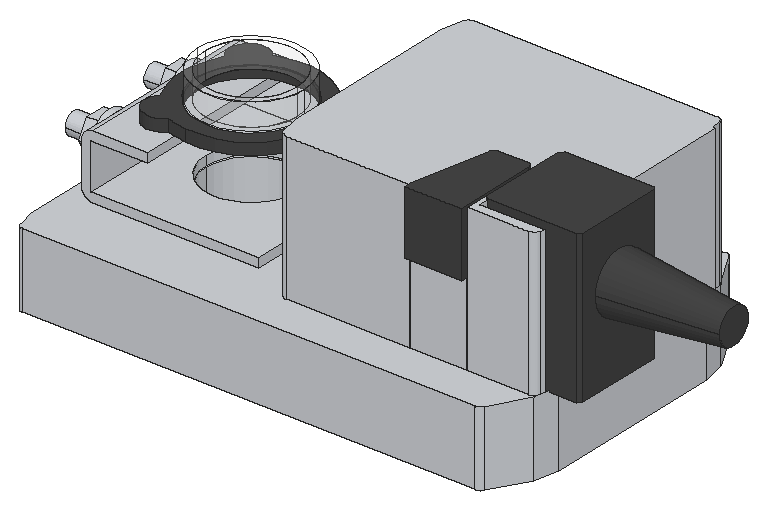
Revit family "ダンパ操作器_ver2021", category ダクト付属品, Revit 2021
Family settings
  丸型コネクタ寸法 = 直径を使用
  パーツ タイプ = アタッチ
  作業面ベース = いいえ
  常に垂直 = はい
  ロード時にボイドで切り取り = いいえ
  共有 = いいえ
Parameters
  直径 [instance] = 10 mm
  既定の高さ = 0 mm
  ダクトφ [instance] = 25.998 mm
Reference planes
  plane 1 "中心(正面/背面)": y = 0
  plane 2: z = 0
  plane 3 "中心(左/右)": x = 0
Forms (mm)
  Extrusion 1, solid
    sketch origin (0, 0, 0) x (1, 0, 0) y (0, 1, 0)
      loop
        line (99.773, 44.001) -> (-26.936, 44.001)
        arc (-26.936, 44.001) -> (-28.194, 43.556) -> (-28.892, 42.419) r 1.998
        line (-28.892, 42.419) -> (-30, 37.202) -> (-30, -37.198) -> (-28.892, -42.414)
        arc (-28.892, -42.414) -> (-28.428, -43.534) -> (-27.308, -43.998) r 1.584
        line (-27.308, -43.998) -> (99.693, -43.998)
        arc (99.693, -43.998) -> (100.892, -43.676) -> (101.771, -42.798) r 2.399
        line (101.771, -42.798) -> (107.554, -32.781) -> (109.005, -25.953) -> (109.005, 25.958) -> (107.554, 32.785) -> (101.771, 42.803)
        arc (101.771, 42.803) -> (100.927, 43.66) -> (99.773, 44.001) r 2.399
    from 0 to 21
  Extrusion 2, solid
    sketch origin (0, 250.898, 0) x (1, 0, 0) y (0, 1, 0)
      loop
        line (105.888, -217.394) -> (37.647, -217.394)
        arc (37.647, -217.394) -> (36.389, -217.839) -> (35.692, -218.977) r 1.999
        line (35.692, -218.977) -> (34.406, -225.023) -> (34.406, -275.754) -> (35.692, -281.8)
        arc (35.692, -281.8) -> (36.389, -282.938) -> (37.647, -283.383) r 1.999
        line (37.647, -283.383) -> (72.327, -283.383) -> (76.964, -261.569)
        arc (76.964, -261.569) -> (77.662, -260.433) -> (78.92, -259.988) r 2
        line (78.92, -259.988) -> (86.4, -259.988)
        arc (86.4, -259.988) -> (87.814, -260.574) -> (88.4, -261.988) r 2
        line (88.4, -261.988) -> (88.4, -283.383) -> (105.888, -283.383)
        arc (105.888, -283.383) -> (107.146, -282.938) -> (107.844, -281.8) r 1.999
        line (107.844, -281.8) -> (108.082, -280.681) -> (89.897, -280.681) -> (89.897, -251.681) -> (108.998, -251.681) -> (108.998, -222.079) -> (108.37, -221.451) -> (107.855, -218.975)
        arc (107.855, -218.975) -> (107.155, -217.832) -> (105.888, -217.394) r 1.986
    from 21 to 62
  Extrusion 3, solid, material "プラスチック"
    sketch origin (0, 250.898, 0) x (1, 0, 0) y (0, 1, 0)
      loop
        line (90.298, -278.688) -> (91.298, -279.688) -> (116.298, -279.688) -> (117.298, -278.689) -> (117.298, -253.688) -> (116.298, -252.688) -> (91.298, -252.688) -> (90.298, -253.688) -> (90.298, -278.688)
    from 21 to 63.4
  Blend 4, solid, material "プラスチック"
    base sketch origin (-132.702, 454.065, 0) x (0, 1, 0) y (0, 0, 1)
      loop
        circle (-469.356, 45.9) r 5
    top sketch origin (0, 454.065, 0) x (0, 1, 0) y (0, 0, 1)
      loop
        circle (-469.356, 45.9) r 8.433
    from 282.301 to 117.298
  Extrusion 5, solid, material "プラスチック"
    sketch origin (0, 250.898, 0) x (1, 0, 0) y (0, 1, 0)
      loop
        arc (78.92, -259.988) -> (77.662, -260.433) -> (76.964, -261.569) r 2
        line (76.964, -261.569) -> (72.4, -283.041) -> (72.4, -285.21) -> (88.4, -285.21) -> (88.4, -261.988)
        arc (88.4, -261.988) -> (87.814, -260.574) -> (86.4, -259.988) r 2
        line (86.4, -259.988) -> (78.92, -259.988)
    from 44.334 to 62.4
  Extrusion 6, solid
    sketch origin (0, 250.898, 0) x (1, 0, 0) y (0, 1, 0)
      loop
        arc (78.913, -259.888) -> (77.511, -260.293) -> (76.724, -261.522) r 2.071
        line (76.724, -261.522) -> (72.327, -283.383) -> (88.483, -283.383) -> (88.639, -261.988)
        arc (88.639, -261.988) -> (87.983, -260.405) -> (86.401, -259.75) r 2.238
        line (86.401, -259.75) -> (78.913, -259.888)
    from 21 to 44.334
  Extrusion 7, solid, material "プラスチック(クリア)"
    sketch origin (0, 2.375, 0) x (1, 0, 0) y (0, 1, 0)
      loop
        circle (0, 0) r 15
      loop
        circle (-0.001, 0) r 13
    from 42.9 to 50.45
  Extrusion 8, solid, material "プラスチック"
    sketch origin (0, 252.763, 0) x (1, 0, 0) y (0, 1, 0)
      loop
        arc (-8.884, -232.019) -> (-16.303, -231.549) -> (-16.755, -238.969) r 5.25
        line (-16.755, -238.969) -> (-18.506, -244.242)
        arc (-18.506, -244.242) -> (-19.126, -246.588) -> (-19.45, -248.992) r 19.5
        arc (-19.45, -248.992) -> (-19.349, -252.81) -> (-18.506, -256.535) r 19.5
        line (-18.506, -256.535) -> (-16.755, -261.807)
        arc (-16.755, -261.807) -> (-16.303, -269.228) -> (-8.884, -268.758) r 5.25
        line (-8.884, -268.758) -> (-2.944, -269.665)
        arc (-2.944, -269.665) -> (19.5, -250.388) -> (-2.944, -231.112) r 19.5
        line (-2.944, -231.112) -> (-8.884, -232.019)
      loop
        circle (0, -250.388) r 15.491
    from 39.5 to 42.9
  Extrusion 9, solid
    sketch origin (0, 0, 0) x (1, 0, 0) y (0, 0, 1)
      loop
        line (-6.5, 39.5) -> (-22, 39.5)
        arc (-22, 39.5) -> (-24.121, 38.621) -> (-25, 36.5) r 3
        line (-25, 36.5) -> (-25, 24.5)
        arc (-25, 24.5) -> (-24.121, 22.379) -> (-22, 21.5) r 3
        line (-22, 21.5) -> (24.765, 21.5) -> (24.765, 24) -> (-22.5, 24) -> (-22.5, 37) -> (-6.5, 37) -> (-6.5, 39.5)
    from -26.002 to 25.953
  Extrusion 10, solid
    sketch origin (0, 0, 0) x (0, 1, 0) y (0, 0, 1)
      loop
        circle (13.802, 31) r 7
      loop
        circle (13.802, 31) r 3
    from -27 to -25
  Extrusion 11, solid
    sketch origin (0, 0, 0) x (0, 1, 0) y (0, 0, 1)
      loop
        line (8.068, 31) -> (10.935, 26.035) -> (16.668, 26.035) -> (19.535, 31) -> (16.668, 35.965) -> (10.935, 35.965) -> (8.068, 31)
    from -27 to -31
  Extrusion 12, solid
    sketch origin (0, 0, 0) x (0, 1, 0) y (0, 0, 1)
      loop
        circle (13.802, 31) r 3
    from -31 to -37
  Extrusion 13, solid
    sketch origin (0, -27.6, 0) x (0, 1, 0) y (0, 0, 1)
      loop
        circle (13.802, 31) r 7
      loop
        circle (13.802, 31) r 3
    from -27 to -25
  Extrusion 14, solid
    sketch origin (0, -27.6, 0) x (0, 1, 0) y (0, 0, 1)
      loop
        line (8.068, 31) -> (10.935, 26.035) -> (16.668, 26.035) -> (19.535, 31) -> (16.668, 35.965) -> (10.935, 35.965) -> (8.068, 31)
    from -27 to -31
  Extrusion 15, solid
    sketch origin (0, -27.6, 0) x (0, 1, 0) y (0, 0, 1)
      loop
        circle (13.802, 31) r 3
    from -31 to -37
  Extrusion 16, void
    sketch origin (0, 0, 0) x (1, 0, 0) y (0, 1, 0)
      loop
        circle (-0.002, 2.375) r 12.999
    from 0 to 24
Cuts and joins
  Extrusion 16 cuts Extrusion 1
  Extrusion 16 cuts Extrusion 9
Dimensions and locks
  "直径": diameter of Blend 4 sketch curve
  "ダクトφ": diameter of Extrusion 16 sketch curve
  aligned and locked: level to plane 2
Automatic sketch dimensions
  Extrusion 1 sketch curve to plane 3 "中心(左/右)" = 30 mm
  Extrusion 1 sketch curve to Extrusion 1 sketch curve = 1.109 mm  (x2)
  Extrusion 1 sketch curve to Extrusion 1 sketch curve = 1.584 mm
  Extrusion 1 sketch curve to Extrusion 1 sketch curve = 1.954 mm
  Extrusion 1 sketch curve to Extrusion 1 sketch curve = 0.002 mm
  Extrusion 1 sketch curve to plane 1 "中心(正面/背面)" = 41.603 mm
  plane 3 "中心(左/右)" to Extrusion 1 sketch curve = 99.693 mm
  plane 1 "中心(正面/背面)" to Extrusion 1 sketch curve = 41.599 mm
  Extrusion 1 sketch curve to Extrusion 1 sketch curve = 0 mm
  Extrusion 1 sketch curve to Extrusion 1 sketch curve = 0.08 mm
  plane 1 "中心(正面/背面)" to Extrusion 1 sketch curve = 42.798 mm
  Extrusion 1 sketch curve to Extrusion 1 sketch curve = 2.078 mm
  Extrusion 1 sketch curve to plane 1 "中心(正面/背面)" = 42.803 mm
  Extrusion 1 sketch curve to Extrusion 1 sketch curve = 1.997 mm
  Extrusion 1 sketch curve to plane 1 "中心(正面/背面)" = 32.785 mm
  Extrusion 1 sketch curve to Extrusion 1 sketch curve = 5.783 mm  (x2)
  plane 1 "中心(正面/背面)" to Extrusion 1 sketch curve = 32.781 mm
  plane 1 "中心(正面/背面)" to Extrusion 1 sketch curve = 25.953 mm
  Extrusion 1 sketch curve to Extrusion 1 sketch curve = 1.451 mm
  Extrusion 1 sketch curve to Extrusion 1 sketch curve = 5.216 mm
  Extrusion 1 sketch curve to Extrusion 1 sketch curve = 6.828 mm
  Extrusion 1 sketch curve to Extrusion 1 sketch curve = 6.799 mm
  Extrusion 1 sketch curve to Extrusion 1 sketch curve = 1.998 mm
  plane 3 "中心(左/右)" to Extrusion 2 sketch curve = 34.406 mm
  Extrusion 2 sketch curve to Extrusion 2 sketch curve = 1.285 mm  (x2)
  Extrusion 2 sketch curve to Extrusion 2 sketch curve = 1.956 mm  (x3)
  plane 1 "中心(正面/背面)" to Extrusion 2 sketch curve = 32.485 mm
  Extrusion 2 sketch curve to Extrusion 2 sketch curve = 34.68 mm
  plane 1 "中心(正面/背面)" to Extrusion 2 sketch curve = 10.67 mm
  Extrusion 2 sketch curve to Extrusion 2 sketch curve = 4.637 mm
  Extrusion 2 sketch curve to Extrusion 2 sketch curve = 1.955 mm
  Extrusion 2 sketch curve to Extrusion 2 sketch curve = 7.48 mm
  Extrusion 2 sketch curve to Extrusion 2 sketch curve = 16.073 mm
  plane 1 "中心(正面/背面)" to Extrusion 2 sketch curve = 0.782 mm
  Extrusion 2 sketch curve to Extrusion 2 sketch curve = 3.497 mm
  Extrusion 2 sketch curve to Extrusion 2 sketch curve = 15.991 mm  (x2)
  Extrusion 2 sketch curve to Extrusion 2 sketch curve = 0.022 mm
  plane 1 "中心(正面/背面)" to Extrusion 2 sketch curve = 30.901 mm
  Extrusion 2 sketch curve to plane 1 "中心(正面/背面)" = 31.923 mm
  Extrusion 2 sketch curve to Extrusion 2 sketch curve = 1.944 mm
  Extrusion 2 sketch curve to Extrusion 2 sketch curve = 0.238 mm
  Extrusion 2 sketch curve to plane 1 "中心(正面/背面)" = 29.448 mm
  Extrusion 2 sketch curve to Extrusion 2 sketch curve = 0.515 mm
  Extrusion 2 sketch curve to Extrusion 2 sketch curve = 19.101 mm
  Extrusion 2 sketch curve to Extrusion 2 sketch curve = 0 mm
  Extrusion 2 sketch curve to Extrusion 2 sketch curve = 1.584 mm
  Extrusion 2 sketch curve to Extrusion 2 sketch curve = 1.119 mm
  Extrusion 2 sketch curve to Extrusion 2 sketch curve = 6.046 mm
  Extrusion 2 sketch curve to Extrusion 2 sketch curve = 10.308 mm
  Extrusion 2 sketch curve to plane 1 "中心(正面/背面)" = 25.875 mm
  Extrusion 2 sketch curve to Extrusion 2 sketch curve = 0.629 mm
  Extrusion 2 sketch curve to Extrusion 2 sketch curve = 5.63 mm
  Extrusion 2 sketch curve to Extrusion 2 sketch curve = 0.404 mm
  plane 1 "中心(正面/背面)" to Extrusion 3 sketch curve = 27.79 mm
  plane 3 "中心(左/右)" to Extrusion 3 sketch curve = 90.298 mm
  Extrusion 3 sketch curve to Extrusion 3 sketch curve = 1 mm  (x5)
  plane 1 "中心(正面/背面)" to Extrusion 3 sketch curve = 1.79 mm
  Extrusion 3 sketch curve to Extrusion 3 sketch curve = 24.999 mm  (x2)
  plane 1 "中心(正面/背面)" to Extrusion 3 sketch curve = 27.791 mm
  Extrusion 3 sketch curve to Extrusion 3 sketch curve = 0.999 mm
  plane 1 "中心(正面/背面)" to Blend 4 sketch curve = 15.29 mm  (x2)
  level to Blend 4 sketch curve = 45.9 mm  (x2)
  plane 1 "中心(正面/背面)" to Extrusion 5 sketch curve = 34.311 mm
  plane 3 "中心(左/右)" to Extrusion 5 sketch curve = 72.4 mm
  plane 1 "中心(正面/背面)" to Extrusion 5 sketch curve = 10.67 mm
  Extrusion 5 sketch curve to Extrusion 5 sketch curve = 4.564 mm
  Extrusion 5 sketch curve to Extrusion 5 sketch curve = 1.955 mm
  Extrusion 5 sketch curve to Extrusion 5 sketch curve = 7.48 mm
  Extrusion 5 sketch curve to Extrusion 5 sketch curve = 2 mm
  Extrusion 5 sketch curve to Extrusion 5 sketch curve = 0.42 mm
  Extrusion 5 sketch curve to Extrusion 5 sketch curve = 2.169 mm
  plane 1 "中心(正面/背面)" to Extrusion 6 sketch curve = 32.485 mm
  plane 3 "中心(左/右)" to Extrusion 6 sketch curve = 72.327 mm
  plane 1 "中心(正面/背面)" to Extrusion 6 sketch curve = 10.624 mm
  Extrusion 6 sketch curve to Extrusion 6 sketch curve = 4.397 mm
  Extrusion 6 sketch curve to Extrusion 6 sketch curve = 2.026 mm
  plane 1 "中心(正面/背面)" to Extrusion 6 sketch curve = 8.99 mm
  Extrusion 6 sketch curve to Extrusion 6 sketch curve = 0.163 mm
  plane 1 "中心(正面/背面)" to Extrusion 6 sketch curve = 8.851 mm
  Extrusion 6 sketch curve to Extrusion 6 sketch curve = 7.488 mm
  Extrusion 6 sketch curve to Extrusion 6 sketch curve = 16.155 mm
  plane 1 "中心(正面/背面)" to Extrusion 6 sketch curve = 11.089 mm
  Extrusion 7 sketch curve to plane 3 "中心(左/右)" = 0 mm
  Extrusion 7 sketch curve to plane 3 "中心(左/右)" = 0.001 mm
  Extrusion 7 sketch curve to plane 1 "中心(正面/背面)" = 2.375 mm
  Extrusion 7 sketch curve to Extrusion 7 sketch curve = 0 mm
  Extrusion 8 sketch curve to Extrusion 8 sketch curve = 0 mm  (x14)
  Extrusion 8 sketch curve to plane 3 "中心(左/右)" = 16.755 mm  (x2)
  Extrusion 8 sketch curve to Extrusion 8 sketch curve = 3.927 mm  (x2)
  Extrusion 8 sketch curve to Extrusion 8 sketch curve = 3.944 mm  (x2)
  Extrusion 8 sketch curve to plane 3 "中心(左/右)" = 2.944 mm  (x2)
  plane 3 "中心(左/右)" to Extrusion 8 sketch curve = 0 mm
  plane 1 "中心(正面/背面)" to Extrusion 8 sketch curve = 16.901 mm
  Extrusion 8 sketch curve to Extrusion 8 sketch curve = 0.907 mm
  Extrusion 8 sketch curve to Extrusion 8 sketch curve = 3.465 mm
  Extrusion 8 sketch curve to plane 1 "中心(正面/背面)" = 2.375 mm
  Extrusion 8 sketch curve to plane 1 "中心(正面/背面)" = 13.794 mm
  Extrusion 8 sketch curve to Extrusion 8 sketch curve = 3.485 mm
  Extrusion 8 sketch curve to Extrusion 8 sketch curve = 1.751 mm  (x2)
  plane 1 "中心(正面/背面)" to Extrusion 8 sketch curve = 3.771 mm
  Extrusion 8 sketch curve to plane 1 "中心(正面/背面)" = 8.521 mm
  Extrusion 8 sketch curve to plane 1 "中心(正面/背面)" = 3.771 mm
  Extrusion 8 sketch curve to Extrusion 8 sketch curve = 0.944 mm
  Extrusion 9 sketch curve to plane 3 "中心(左/右)" = 25 mm
  Extrusion 9 sketch curve to Extrusion 9 sketch curve = 2.5 mm  (x3)
  Extrusion 9 sketch curve to Extrusion 9 sketch curve = 0.5 mm  (x2)
  Extrusion 9 sketch curve to plane 3 "中心(左/右)" = 6.5 mm
  plane 3 "中心(左/右)" to Extrusion 9 sketch curve = 24.765 mm
  level to Extrusion 9 sketch curve = 21.5 mm
  Extrusion 9 sketch curve to Extrusion 9 sketch curve = 12 mm
  Extrusion 10 sketch curve to Extrusion 10 sketch curve = 0 mm  (x2)
  Extrusion 10 sketch curve to plane 1 "中心(正面/背面)" = 13.802 mm
  level to Extrusion 10 sketch curve = 31 mm
  Extrusion 11 sketch curve to plane 1 "中心(正面/背面)" = 8.068 mm
  Extrusion 11 sketch curve to Extrusion 11 sketch curve = 2.867 mm  (x3)
  Extrusion 11 sketch curve to Extrusion 11 sketch curve = 5.733 mm  (x2)
  level to Extrusion 11 sketch curve = 26.035 mm
  Extrusion 11 sketch curve to Extrusion 11 sketch curve = 4.965 mm  (x3)
  Extrusion 12 sketch curve to Extrusion 12 sketch curve = 0 mm  (x2)
  Extrusion 12 sketch curve to plane 1 "中心(正面/背面)" = 13.802 mm
  level to Extrusion 12 sketch curve = 31 mm
  Extrusion 12 sketch curve to Extrusion 12 sketch curve = 3 mm
  Extrusion 13 sketch curve to Extrusion 13 sketch curve = 0 mm  (x2)
  plane 1 "中心(正面/背面)" to Extrusion 13 sketch curve = 13.798 mm
  level to Extrusion 13 sketch curve = 31 mm
  plane 1 "中心(正面/背面)" to Extrusion 14 sketch curve = 19.532 mm
  Extrusion 14 sketch curve to Extrusion 14 sketch curve = 2.867 mm  (x3)
  Extrusion 14 sketch curve to Extrusion 14 sketch curve = 5.733 mm  (x2)
  level to Extrusion 14 sketch curve = 26.035 mm
  Extrusion 14 sketch curve to Extrusion 14 sketch curve = 4.965 mm  (x3)
  Extrusion 15 sketch curve to Extrusion 15 sketch curve = 0 mm  (x2)
  plane 1 "中心(正面/背面)" to Extrusion 15 sketch curve = 13.798 mm
  level to Extrusion 15 sketch curve = 31 mm
  Extrusion 15 sketch curve to Extrusion 15 sketch curve = 3 mm
  Extrusion 16 sketch curve to plane 3 "中心(左/右)" = 0.002 mm
  Extrusion 16 sketch curve to plane 1 "中心(正面/背面)" = 2.375 mm
  radius of Blend 4 sketch curve = 8.433 mm
  radius of Extrusion 7 sketch curve = 15 mm
  radius of Extrusion 7 sketch curve = 13 mm
  radius of Extrusion 8 sketch curve = 15.491 mm
  radius of Extrusion 10 sketch curve = 7 mm
  radius of Extrusion 10 sketch curve = 3 mm
  radius of Extrusion 13 sketch curve = 7 mm
  radius of Extrusion 13 sketch curve = 3 mm
Connectors
  cabletrayconduit at (149.598, -15.29, 45.9), diameter 10, driven by "直径"
    settings: on Blend 4, index 1, connector width 300 mm, connector height 300 mm, connector angle 0.00°, system type 32, placement type 0, profile type 0, connector reference index -1, is primary connector yes, connector utility param no, connector description ""
  electrical at (47.436, 0.002, 21)
    settings: on Extrusion 1, index 2, voltage 0 V, apparent load 0 VA, apparent load phase1 0 VA, apparent load phase2 0 VA, apparent load phase3 0 VA, power factor 1, load classification "その他", number of poles 1, system type 14, power factor state 1, is connector primary yes, connector utility no, sub classification motor no, connector description ""
  hvac at (-0.002, 2.375, 24), driven by "ダクトφ"
    settings: on cut or joined group of Extrusion 9, Extrusion 16, index 3, duct flow 0.0 L/s, flow factor 0, pres drop 0.0 Pa, loss coef 0, conn angle 0.00°, conn width 304.8 mm, conn height 304.8 mm, conn diameter 25.998 mm, duct sys type 29, conn prof type 0, flow config 0, flow direction 0, loss method 0, conn ref index -1, conn util no, is conn primary yes, conn desc ""
